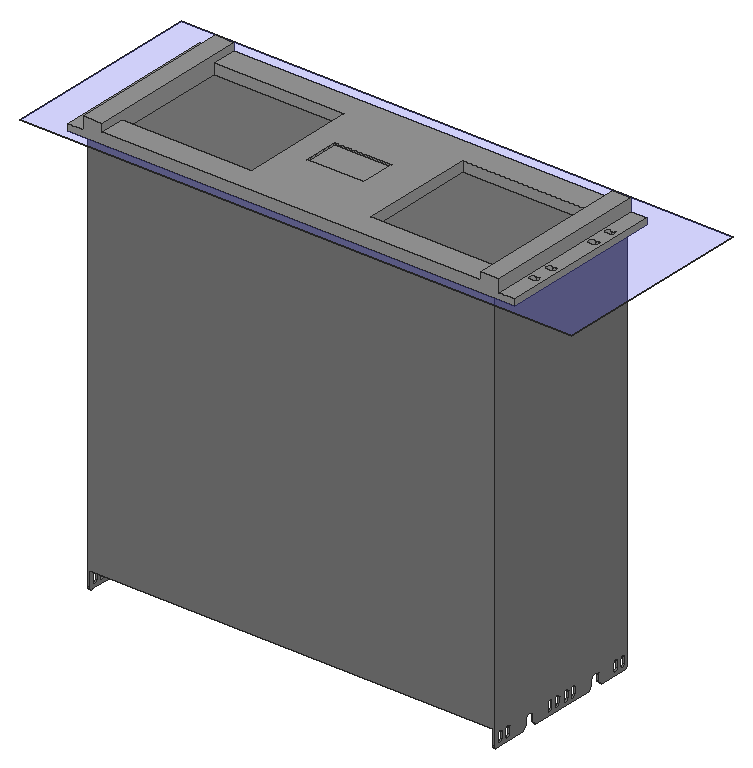
Revit family "QSC Core 1100 3100", category Generic Models, host Face, Revit 2014
Parameters (values of type "Core 3100")
  Width = 482.6 mm  # constant formula
  Weight Product (lb) = 41
  Weight Product (kg) = 18.6
  Voltage AC = "100-240 at 50-60 Hz"  # constant formula
  URL = "http://www.qsc.com/products/q-sys_integrated_system/core_series/Core_3100/"
  Regulatory Compliance = "UL, CE and FCC"
  Product Page URL = "http://www.qsc.com/products/q-sys_integrated_system/core_series/Core_3100/"
  Product Documentation Link = "http://www.qsc.com/files/1414/0269/3350/Core3100_SpecSheet_61114.pdf"
  Model = "Core 3100"
  Manufacturer URL = "http://www.qscaudio.com"
  Manufacturer = "QSC Audio Products, LLC"  # constant formula
  Inner Front Width [instance] = 427.203 mm
  Height = 177.8 mm  # constant formula
  Heat Load Active [instance] = 1400
  Face Material [instance] = Light Gray Finish
  Description = "System Processor and Control Engine"
  Depth = 455 mm
  Default Elevation = 0 mm
  Current Draw [instance] = 8.5
  Amplifier Material [instance] = Dark Gray Finish
Types (3, lengths in mm): name | URL | Product Page URL | Product Documentation Link | Model | Heat Load Active
  (no name) | "http://www.qsc.com/products/q-sys_integrated_system/core_series/Core_3100/" | "http://www.qsc.com/products/q-sys_integrated_system/core_series/Core_3100/" | "http://www.qsc.com/files/1414/0269/3350/Core3100_SpecSheet_61114.pdf" | "Core 3100" | 1400
  Core 1100 | "http://www.qsc.com/products/Q-SYS_Integrated_System/Core_Series/Core_1100/" | "http://www.qsc.com/products/Q-SYS_Integrated_System/Core_Series/Core_1100/" | "http://www.qsc.com/files/3914/0269/3347/Core1100_SpecSheet_61114.pdf" | "Core 1100" | 1100
  Core 3100 | "http://www.qsc.com/products/q-sys_integrated_system/core_series/Core_3100/" | "http://www.qsc.com/products/q-sys_integrated_system/core_series/Core_3100/" | "http://www.qsc.com/files/1414/0269/3350/Core3100_SpecSheet_61114.pdf" | "Core 3100" | 1400
Reference planes
  plane 1 "Center (Front/Back)": y = 0
  plane 2: z = 0
  plane 3 "Center (Left/Right)": x = 0
  plane 4 "Left": x = -240.675
  plane 5 "Right": x = 240.675
  plane 6 "Top": y = 88.9
  plane 7 "Bottom": y = -88.9
  plane 8 "Back": z = -435
  plane 9: x = -219.019
  plane 10: x = 219.019
  plane 11 "Front": z = 20
  plane 12: x = -207.869
  plane 13: x = 207.869
  plane 14 "Inner Left": x = -213.601
  plane 15 "Inner Right": x = 213.601
Forms (mm)
  Extrusion 1, solid, material "Glass"
    sketch origin (0, 0, 0) x (1, 0, 0) y (0, 1, 0)
      loop
        line (-284.09, 118.816) -> (-284.09, -98.587) -> (309.771, -98.587) -> (309.771, 118.816) -> (-284.09, 118.816)
    from 0 to -0.992
  Extrusion 2, solid, material "Dark Gray Finish" <- "Amplifier Material"
    sketch origin (0, -88.9, 0) x (-1, 0, 0) y (0, 0, 1)
      loop
        line (240.675, 0) -> (-240.675, 0) -> (-240.675, -435) -> (240.675, -435) -> (240.675, 0)
    from 0 to 177.8 <- "Height"
  Extrusion 3, void
    sketch origin (0, -88.9, 0) x (-1, 0, 0) y (0, 0, 1)
      loop
        line (219.019, -435) -> (240.675, -435) -> (240.675, 0) -> (219.019, 0) -> (219.019, -435)
      loop
        line (-240.675, -435) -> (-219.019, -435) -> (-219.019, 0) -> (-240.675, 0) -> (-240.675, -435)
      loop
        line (217.019, -435) -> (217.019, -416) -> (-217.019, -416) -> (-217.019, -435) -> (217.019, -435)
    from 0 to 177.8 <- "Height"
  Extrusion 4, solid, material "Light Gray Finish" <- "Face Material"
    sketch origin (0, -88.9, 0) x (-1, 0, 0) y (0, 0, 1)
      loop
        line (240.675, 20) -> (-240.675, 20) -> (-240.675, 0) -> (240.675, 0) -> (240.675, 20)
    from 0 to 177.8 <- "Height"
  Extrusion 5, void
    sketch origin (0, -88.9, 0) x (-1, 0, 0) y (0, 0, 1)
      loop
        line (-240.675, 7) -> (-223.675, 7) -> (-223.675, 20) -> (-240.675, 20) -> (-240.675, 7)
      loop
        line (-203.675, 20) -> (-203.675, 12) -> (203.675, 12) -> (203.675, 20) -> (-203.675, 20)
      loop
        line (240.675, 7) -> (240.675, 20) -> (223.675, 20) -> (223.675, 7) -> (240.675, 7)
    from 0 to 177.8 <- "Height"
  Extrusion 6, void
    sketch origin (0, 0, 20) x (-1, 0, 0) y (0, -1, 0)
      loop
        line (63.675, 62) -> (63.675, -62) -> (203.675, -62) -> (203.675, 62) -> (63.675, 62)
      loop
        line (-203.675, 62) -> (-203.675, -62) -> (-63.675, -62) -> (-63.675, 62) -> (-203.675, 62)
    from 0 to -19
  Extrusion 7, void
    sketch origin (0, 0, 20) x (-1, 0, 0) y (0, -1, 0)
      loop
        line (39.675, -19) -> (39.675, 19) -> (-22.325, 19) -> (-22.325, -19) -> (39.675, -19)
    from 0 to -10
  Extrusion 8, void
    sketch origin (0, 0, -435) x (-1, 0, 0) y (0, -1, 0)
      loop
        line (-193.077, 72.926) -> (-193.077, 64.926) -> (-178.077, 64.926) -> (-178.077, 72.926) -> (-193.077, 72.926)
      loop
        line (-157.077, 72.926) -> (-157.077, 64.926) -> (-142.077, 64.926) -> (-142.077, 72.926) -> (-157.077, 72.926)
      loop
        line (-129.547, 72.926) -> (-129.547, 66.926) -> (-116.547, 66.926) -> (-116.547, 72.926) -> (-129.547, 72.926)
      loop
        line (-129.547, 63.926) -> (-129.547, 57.926) -> (-116.547, 57.926) -> (-116.547, 63.926) -> (-129.547, 63.926)
      loop
        line (-107.547, 72.926) -> (-107.547, 66.926) -> (-94.547, 66.926) -> (-94.547, 72.926) -> (-107.547, 72.926)
      loop
        line (-107.547, 63.926) -> (-107.547, 57.926) -> (-94.547, 57.926) -> (-94.547, 63.926) -> (-107.547, 63.926)
      loop
        line (-129.547, 54.926) -> (-129.547, 43.926) -> (-116.547, 43.926) -> (-116.547, 54.926) -> (-129.547, 54.926)
      loop
        line (-107.547, 54.926) -> (-107.547, 43.926) -> (-94.547, 43.926) -> (-94.547, 54.926) -> (-107.547, 54.926)
      loop
        circle (-137.69, 68.944) r 2.5
      loop
        circle (-161.464, 68.944) r 2.5
      loop
        circle (-173.69, 68.944) r 2.5
      loop
        circle (-197.464, 68.944) r 2.5
      loop
        line (146.606, -21.25) -> (146.606, -51.25) -> (169.606, -51.25) -> (169.606, -21.25) -> (146.606, -21.25)
      loop
        line (11.256, -41.75) -> (11.256, -57.75) -> (111.256, -57.75) -> (111.256, -41.75) -> (11.256, -41.75)
      loop
        line (80.705, 29.926) -> (88.705, 29.926) -> (88.705, 53.926) -> (80.705, 53.926) -> (80.705, 29.926)
      loop
        circle (84.705, 57.676) r 2.5
      loop
        circle (84.705, 26.176) r 2.5
      loop
        line (80.705, -11.074) -> (88.705, -11.074) -> (88.705, 12.926) -> (80.705, 12.926) -> (80.705, -11.074)
      loop
        circle (84.705, 16.676) r 2.5
      loop
        circle (84.705, -14.824) r 2.5
      loop
        line (-85.547, 72.926) -> (-85.547, 61.926) -> (-72.547, 61.926) -> (-72.547, 72.926) -> (-85.547, 72.926)
      loop
        line (-85.547, 57.926) -> (-85.547, 46.926) -> (-72.547, 46.926) -> (-72.547, 57.926) -> (-85.547, 57.926)
    from 0 to 20
  Extrusion 9, void
    sketch origin (0, 0, 20) x (-1, 0, 0) y (0, -1, 0)
      loop
        arc (234.053, 48.4) -> (237.253, 51.6) -> (234.053, 54.8) r 3.2
        line (234.053, 54.8) -> (230.297, 54.8)
        arc (230.297, 54.8) -> (227.097, 51.6) -> (230.297, 48.4) r 3.2
        line (230.297, 48.4) -> (234.053, 48.4)
      loop
        arc (234.053, 26.2) -> (237.253, 29.4) -> (234.053, 32.6) r 3.2
        line (234.053, 32.6) -> (230.297, 32.6)
        arc (230.297, 32.6) -> (227.097, 29.4) -> (230.297, 26.2) r 3.2
        line (230.297, 26.2) -> (234.053, 26.2)
      loop
        arc (234.053, -31) -> (237.253, -27.8) -> (234.053, -24.6) r 3.2
        line (234.053, -24.6) -> (230.297, -24.6)
        arc (230.297, -24.6) -> (227.097, -27.8) -> (230.297, -31) r 3.2
        line (230.297, -31) -> (234.053, -31)
      loop
        arc (234.053, -53.2) -> (237.253, -50) -> (234.053, -46.8) r 3.2
        line (234.053, -46.8) -> (230.297, -46.8)
        arc (230.297, -46.8) -> (227.097, -50) -> (230.297, -53.2) r 3.2
        line (230.297, -53.2) -> (234.053, -53.2)
      loop
        line (-234.053, 48.4) -> (-230.297, 48.4)
        arc (-230.297, 48.4) -> (-227.097, 51.6) -> (-230.297, 54.8) r 3.2
        line (-230.297, 54.8) -> (-234.053, 54.8)
        arc (-234.053, 54.8) -> (-237.253, 51.6) -> (-234.053, 48.4) r 3.2
      loop
        line (-234.053, 26.2) -> (-230.297, 26.2)
        arc (-230.297, 26.2) -> (-227.097, 29.4) -> (-230.297, 32.6) r 3.2
        line (-230.297, 32.6) -> (-234.053, 32.6)
        arc (-234.053, 32.6) -> (-237.253, 29.4) -> (-234.053, 26.2) r 3.2
      loop
        line (-234.053, -31) -> (-230.297, -31)
        arc (-230.297, -31) -> (-227.097, -27.8) -> (-230.297, -24.6) r 3.2
        line (-230.297, -24.6) -> (-234.053, -24.6)
        arc (-234.053, -24.6) -> (-237.253, -27.8) -> (-234.053, -31) r 3.2
      loop
        line (-234.053, -53.2) -> (-230.297, -53.2)
        arc (-230.297, -53.2) -> (-227.097, -50) -> (-230.297, -46.8) r 3.2
        line (-230.297, -46.8) -> (-234.053, -46.8)
        arc (-234.053, -46.8) -> (-237.253, -50) -> (-234.053, -53.2) r 3.2
    from 0 to -20
  Extrusion 10, void
    sketch origin (-240.675, 0, 0) x (0, 1, 0) y (0, 0, 1)
      loop
        arc (86.3, -422.35) -> (83.1, -419.15) -> (79.9, -422.35) r 3.2
        line (79.9, -422.35) -> (79.9, -428.65)
        arc (79.9, -428.65) -> (83.1, -431.85) -> (86.3, -428.65) r 3.2
        line (86.3, -428.65) -> (86.3, -422.35)
      loop
        arc (76.8, -422.35) -> (73.6, -419.15) -> (70.4, -422.35) r 3.2
        line (70.4, -422.35) -> (70.4, -428.65)
        arc (70.4, -428.65) -> (73.6, -431.85) -> (76.8, -428.65) r 3.2
        line (76.8, -428.65) -> (76.8, -422.35)
      loop
        arc (19.6, -422.35) -> (16.4, -419.15) -> (13.2, -422.35) r 3.2
        line (13.2, -422.35) -> (13.2, -428.65)
        arc (13.2, -428.65) -> (16.4, -431.85) -> (19.6, -428.65) r 3.2
        line (19.6, -428.65) -> (19.6, -422.35)
      loop
        arc (10.1, -422.35) -> (6.9, -419.15) -> (3.7, -422.35) r 3.2
        line (3.7, -422.35) -> (3.7, -428.65)
        arc (3.7, -428.65) -> (6.9, -431.85) -> (10.1, -428.65) r 3.2
        line (10.1, -428.65) -> (10.1, -422.35)
      loop
        arc (-2.1, -422.35) -> (-5.3, -419.15) -> (-8.5, -422.35) r 3.2
        line (-8.5, -422.35) -> (-8.5, -428.65)
        arc (-8.5, -428.65) -> (-5.3, -431.85) -> (-2.1, -428.65) r 3.2
        line (-2.1, -428.65) -> (-2.1, -422.35)
      loop
        arc (-11.6, -422.35) -> (-14.8, -419.15) -> (-18, -422.35) r 3.2
        line (-18, -422.35) -> (-18, -428.65)
        arc (-18, -428.65) -> (-14.8, -431.85) -> (-11.6, -428.65) r 3.2
        line (-11.6, -428.65) -> (-11.6, -422.35)
      loop
        arc (-68.8, -422.35) -> (-72, -419.15) -> (-75.2, -422.35) r 3.2
        line (-75.2, -422.35) -> (-75.2, -428.65)
        arc (-75.2, -428.65) -> (-72, -431.85) -> (-68.8, -428.65) r 3.2
        line (-68.8, -428.65) -> (-68.8, -422.35)
      loop
        arc (-78.3, -422.35) -> (-81.5, -419.15) -> (-84.7, -422.35) r 3.2
        line (-84.7, -422.35) -> (-84.7, -428.65)
        arc (-84.7, -428.65) -> (-81.5, -431.85) -> (-78.3, -428.65) r 3.2
        line (-78.3, -428.65) -> (-78.3, -422.35)
      loop
        line (88.9, -435) -> (88.9, -431.8)
        arc (88.9, -431.8) -> (87.963, -434.063) -> (85.7, -435) r 3.2
        line (85.7, -435) -> (88.9, -435)
      loop
        line (-88.9, -435) -> (-85.7, -435)
        arc (-85.7, -435) -> (-87.963, -434.063) -> (-88.9, -431.8) r 3.2
        line (-88.9, -431.8) -> (-88.9, -435)
      loop
        arc (50.9, -424.2) -> (49.963, -421.937) -> (47.7, -421) r 3.2
        line (47.7, -421) -> (44.1, -421)
        arc (44.1, -421) -> (41.837, -421.937) -> (40.9, -424.2) r 3.2
        line (40.9, -424.2) -> (40.9, -431) -> (36.9, -435) -> (54.9, -435) -> (50.9, -431) -> (50.9, -424.2)
      loop
        arc (-37.1, -424.2) -> (-38.037, -421.937) -> (-40.3, -421) r 3.2
        line (-40.3, -421) -> (-43.9, -421)
        arc (-43.9, -421) -> (-46.163, -421.937) -> (-47.1, -424.2) r 3.2
        line (-47.1, -424.2) -> (-47.1, -431) -> (-51.1, -435) -> (-33.1, -435) -> (-37.1, -431) -> (-37.1, -424.2)
    from 0 to 482.6 <- "Width"
Cuts and joins
  Extrusion 3, Extrusion 8, Extrusion 10 cuts Extrusion 2
  Extrusion 5, Extrusion 6, Extrusion 7, Extrusion 9 cuts Extrusion 4
Lines and regions (mm)
  model lines, style "GenericModel", not visible, detail levels fine
    curve 1: line (344.322, -25.724, 0.794) -> (342.106, -22.804, 0.794)
    curve 2: line (342.106, -22.804, 0.794) -> (344.322, -25.724, 0.794)
    curve 3: line (334.07, -25.359, 0.794) -> (334.908, -22.347, 0.794)
    curve 4: line (334.908, -22.347, 0.794) -> (334.07, -25.359, 0.794)
    curve 5: line (335.469, -27.353, 0.794) -> (334.844, -21.779, 0.794)
    curve 6: line (334.844, -21.779, 0.794) -> (335.469, -27.353, 0.794)
    curve 7: line (347.29, -23.453, 0.794) -> (349.266, -24.905, 0.794)
    curve 8: line (349.266, -24.905, 0.794) -> (347.29, -23.453, 0.794)
  model lines, not visible
    curve 9: arc (-104.012, -1.588, 45.52) -> (-96.511, 5.913, 45.52) -> (-89.011, -1.588, 45.52) r 7.501
    curve 10: arc (-89.011, -1.588, 45.52) -> (-96.511, -9.088, 45.52) -> (-104.012, -1.588, 45.52) r 7.501
    curve 11: arc (73.897, 4.762, 45.52) -> (89.396, 20.262, 45.52) -> (104.895, 4.762, 45.52) r 15.499
    curve 12: arc (104.895, 4.762, 45.52) -> (89.396, -10.737, 45.52) -> (73.897, 4.762, 45.52) r 15.499
    curve 13: line (54.287, 24.465, 45.52) -> (54.287, -20.671, 45.52)
    curve 14: line (54.287, -20.671, 45.52) -> (-16.573, -20.671, 45.52)
    curve 15: line (-16.573, -20.671, 45.52) -> (-16.573, 24.465, 45.52)
    curve 16: line (-16.573, 24.465, 45.52) -> (54.287, 24.465, 45.52)
  model lines
    curve 17: line (29.325, 15, 12) -> (42.325, 15, 12)
    curve 18: line (29.325, 24, 12) -> (29.325, 15, 12)
    curve 19: line (42.325, 24, 12) -> (29.325, 24, 12)
    curve 20: line (42.325, 15, 12) -> (42.325, 24, 12)
    curve 21: line (29.325, 3, 12) -> (42.325, 3, 12)
    curve 22: line (29.325, 12, 12) -> (29.325, 3, 12)
    curve 23: line (42.325, 12, 12) -> (29.325, 12, 12)
    curve 24: line (42.325, 3, 12) -> (42.325, 12, 12)
    curve 25: line (29.325, -21, 12) -> (42.325, -21, 12)
    curve 26: line (29.325, -12, 12) -> (29.325, -21, 12)
    curve 27: line (42.325, -12, 12) -> (29.325, -12, 12)
    curve 28: line (42.325, -21, 12) -> (42.325, -12, 12)
    curve 29: line (206.994, 2, -416) -> (23.994, 2, -416)
    curve 30: line (206.994, 73, -416) -> (206.994, 2, -416)
    curve 31: line (23.994, 73, -416) -> (206.994, 73, -416)
    curve 32: line (23.994, 2, -416) -> (23.994, 73, -416)
    curve 41: line (-52.188, -32.287, 12) -> (55.812, -32.287, 12)
    curve 42: line (-52.188, 32.963, 12) -> (-52.188, -32.287, 12)
    curve 43: line (55.812, 32.963, 12) -> (-52.188, 32.963, 12)
    curve 44: line (55.812, -32.287, 12) -> (55.812, 32.963, 12)
  model lines, style "GenericModel", detail levels fine
    curve 33: line (8.681, -48.445, 16.9) -> (4.249, -42.605, 16.9)
    curve 34: line (4.249, -42.605, 16.9) -> (8.681, -48.445, 16.9)
    curve 35: line (-11.822, -47.716, 16.9) -> (-10.148, -41.692, 16.9)
    curve 36: line (-10.148, -41.692, 16.9) -> (-11.822, -47.716, 16.9)
    curve 37: line (-9.025, -51.705, 16.9) -> (-10.275, -40.556, 16.9)
    curve 38: line (-10.275, -40.556, 16.9) -> (-9.025, -51.705, 16.9)
    curve 39: line (14.617, -43.905, 16.9) -> (18.57, -46.809, 16.9)
    curve 40: line (18.57, -46.809, 16.9) -> (14.617, -43.905, 16.9)
Dimensions and locks
  "Depth": plane 11 "Front" to plane 8 "Back"
  equal spacing: plane 6 "Top", plane 1 "Center (Front/Back)", plane 7 "Bottom"
  "Height": plane 6 "Top" to plane 7 "Bottom"
  equal spacing: plane 4 "Left", plane 3 "Center (Left/Right)", plane 5 "Right"
  plane 4 "Left" to plane 5 "Right" = 481.35 mm
  plane 4 "Left" to plane 9 = 21.656 mm
  plane 10 to plane 5 "Right" = 21.656 mm
  plane 11 "Front" to plane 2 = 20 mm
  plane 9 to plane 12 = 11.151 mm
  plane 13 to plane 10 = 11.151 mm
  "Inner Front Width": plane 14 "Inner Left" to plane 15 "Inner Right"
  aligned and locked: plane 2 to Extrusion 1
  aligned and locked: level to Extrusion 1
  aligned and locked: Extrusion 2 sketch curve to plane 4 "Left"
  aligned and locked: plane 8 "Back" to Extrusion 2 sketch curve
  aligned and locked: Extrusion 2 sketch curve to plane 5 "Right"
  aligned and locked: Extrusion 3 sketch curve to plane 8 "Back"
  aligned and locked: Extrusion 3 sketch curve to plane 9
  aligned and locked: level to Extrusion 3 sketch curve  (x2)
  aligned and locked: Extrusion 3 sketch curve to plane 4 "Left"
  aligned and locked: Extrusion 3 sketch curve to Extrusion 2
  aligned and locked: Extrusion 2 to Extrusion 3 sketch curve
  aligned and locked: Extrusion 3 sketch curve to plane 10
  aligned and locked: Extrusion 2 sketch curve to plane 2
Automatic sketch dimensions
  Extrusion 1 sketch curve to Extrusion 1 sketch curve = 593.861 mm
  Extrusion 1 sketch curve to Extrusion 1 sketch curve = 217.403 mm
  Extrusion 4 sketch curve to level = 0 mm
  Extrusion 4 sketch curve to plane 4 "Left" = 0 mm
  Extrusion 4 sketch curve to plane 11 "Front" = 0 mm
  Extrusion 4 sketch curve to plane 5 "Right" = 0 mm
  Extrusion 5 sketch curve to plane 4 "Left" = 0 mm
  Extrusion 5 sketch curve to plane 11 "Front" = 0 mm  (x3)
  plane 12 to Extrusion 5 sketch curve = 4.194 mm
  Extrusion 5 sketch curve to plane 9 = 4.656 mm
  level to Extrusion 5 sketch curve = 7 mm  (x2)
  plane 10 to Extrusion 5 sketch curve = 4.656 mm
  Extrusion 5 sketch curve to plane 13 = 4.194 mm
  Extrusion 5 sketch curve to Extrusion 5 sketch curve = 8 mm
  Extrusion 5 sketch curve to plane 5 "Right" = 0 mm
  Extrusion 6 sketch curve to plane 13 = 4.194 mm
  Extrusion 6 sketch curve to plane 6 "Top" = 26.9 mm  (x2)
  plane 3 "Center (Left/Right)" to Extrusion 6 sketch curve = 63.675 mm
  Extrusion 6 sketch curve to plane 3 "Center (Left/Right)" = 63.675 mm
  plane 12 to Extrusion 6 sketch curve = 4.194 mm
  plane 7 "Bottom" to Extrusion 6 sketch curve = 26.9 mm  (x2)
  plane 3 "Center (Left/Right)" to Extrusion 7 sketch curve = 22.325 mm
  Extrusion 7 sketch curve to plane 3 "Center (Left/Right)" = 39.675 mm
  Extrusion 7 sketch curve to plane 1 "Center (Front/Back)" = 19 mm
  plane 1 "Center (Front/Back)" to Extrusion 7 sketch curve = 19 mm
  Extrusion 5 to curve 17 = 73.9 mm
  curve 17 to Extrusion 5 = 174.35 mm
  curve 26 to curve 17 = 0 mm
  curve 23 to curve 17 = 0 mm
  curve 22 to curve 23 = 13 mm
  curve 20 to curve 23 = 0 mm
  curve 25 to curve 25 = 13 mm
  curve 24 to curve 17 = 3 mm
  curve 21 to curve 22 = 9 mm
  curve 28 to curve 21 = 15 mm
  curve 25 to curve 26 = 9 mm
  curve 17 to curve 18 = 9 mm
  Extrusion 3 sketch curve to plane 8 "Back" = 0 mm
  plane 15 "Inner Right" to Extrusion 3 sketch curve = 3.418 mm
  Extrusion 3 sketch curve to plane 14 "Inner Left" = 3.418 mm
  Extrusion 3 sketch curve to Extrusion 3 sketch curve = 19 mm
  curve 29 to Extrusion 3 = 86.9 mm
  curve 31 to Extrusion 3 = 15.9 mm
  Extrusion 3 to curve 31 = 10.025 mm
  curve 30 to curve 31 = 183 mm
  Extrusion 9 sketch curve to plane 5 "Right" = 6.622 mm  (x4)
  Extrusion 9 sketch curve to Extrusion 9 sketch curve = 3.757 mm  (x8)
  plane 4 "Left" to Extrusion 9 sketch curve = 10.378 mm  (x4)
  Extrusion 9 sketch curve to plane 6 "Top" = 35.7 mm  (x2)
  Extrusion 9 sketch curve to Extrusion 9 sketch curve = 3.2 mm  (x8)
  Extrusion 9 sketch curve to Extrusion 9 sketch curve = 15.8 mm  (x4)
  plane 1 "Center (Front/Back)" to Extrusion 9 sketch curve = 26.2 mm  (x2)
  Extrusion 10 sketch curve to plane 7 "Bottom" = 0 mm
  Extrusion 10 sketch curve to plane 8 "Back" = 0 mm  (x4)
  Extrusion 10 sketch curve to plane 6 "Top" = 0 mm
  plane 7 "Bottom" to Extrusion 10 sketch curve = 3.2 mm
  Extrusion 10 sketch curve to Extrusion 10 sketch curve = 1 mm
  Extrusion 10 sketch curve to Extrusion 10 sketch curve = 3.2 mm  (x12)
  Extrusion 10 sketch curve to Extrusion 10 sketch curve = 3.1 mm  (x4)
  Extrusion 10 sketch curve to Extrusion 10 sketch curve = 17.7 mm
  plane 8 "Back" to Extrusion 10 sketch curve = 4 mm  (x4)
  Extrusion 10 sketch curve to Extrusion 10 sketch curve = 4 mm  (x4)
  Extrusion 10 sketch curve to Extrusion 10 sketch curve = 3.6 mm  (x2)
  plane 1 "Center (Front/Back)" to Extrusion 10 sketch curve = 18 mm
  Extrusion 10 sketch curve to plane 1 "Center (Front/Back)" = 3.7 mm
  Extrusion 10 sketch curve to Extrusion 10 sketch curve = 17.3 mm
  plane 8 "Back" to Extrusion 10 sketch curve = 6.35 mm  (x3)
  Extrusion 10 sketch curve to Extrusion 10 sketch curve = 15.5 mm
  Extrusion 10 sketch curve to plane 6 "Top" = 3.2 mm
  Extrusion 10 sketch curve to Extrusion 10 sketch curve = 0 mm  (x7)
  Extrusion 10 sketch curve to Extrusion 10 sketch curve = 3.15 mm  (x2)
  Extrusion 10 sketch curve to Extrusion 10 sketch curve = 6.8 mm  (x2)
  Extrusion 10 sketch curve to Extrusion 10 sketch curve = 6.3 mm  (x4)
  curve 25 to curve 44 = 26.487 mm
  curve 43 to curve 43 = 108 mm
  curve 25 to curve 44 = 53.963 mm
  curve 41 to curve 42 = 65.25 mm
  Extrusion 8 sketch curve to plane 13 = 10.404 mm
  Extrusion 8 sketch curve to Extrusion 8 sketch curve = 4.387 mm  (x4)
  Extrusion 8 sketch curve to Extrusion 8 sketch curve = 15 mm  (x2)
  Extrusion 8 sketch curve to Extrusion 8 sketch curve = 12.225 mm
  Extrusion 8 sketch curve to Extrusion 8 sketch curve = 8.142 mm
  Extrusion 8 sketch curve to Extrusion 8 sketch curve = 0 mm  (x9)
  Extrusion 8 sketch curve to Extrusion 8 sketch curve = 13 mm  (x4)
  Extrusion 8 sketch curve to Extrusion 8 sketch curve = 9 mm  (x5)
  Extrusion 8 sketch curve to plane 3 "Center (Left/Right)" = 11.256 mm
  plane 1 "Center (Front/Back)" to Extrusion 8 sketch curve = 12.926 mm
  Extrusion 8 sketch curve to plane 3 "Center (Left/Right)" = 80.705 mm
  Extrusion 8 sketch curve to Extrusion 8 sketch curve = 4 mm  (x7)
  Extrusion 8 sketch curve to Extrusion 8 sketch curve = 26.55 mm
  Extrusion 8 sketch curve to Extrusion 8 sketch curve = 35.351 mm
  Extrusion 8 sketch curve to plane 1 "Center (Front/Back)" = 11.074 mm
  Extrusion 8 sketch curve to Extrusion 8 sketch curve = 3.75 mm  (x4)
  Extrusion 8 sketch curve to Extrusion 8 sketch curve = 26.926 mm
  Extrusion 8 sketch curve to Extrusion 8 sketch curve = 30 mm
  Extrusion 8 sketch curve to Extrusion 8 sketch curve = 16 mm
  Extrusion 8 sketch curve to Extrusion 8 sketch curve = 9.5 mm
  plane 1 "Center (Front/Back)" to Extrusion 8 sketch curve = 43.926 mm
  Extrusion 8 sketch curve to Extrusion 8 sketch curve = 3 mm  (x6)
  Extrusion 8 sketch curve to Extrusion 8 sketch curve = 24 mm
  Extrusion 8 sketch curve to Extrusion 8 sketch curve = 11 mm  (x2)
  Extrusion 8 sketch curve to Extrusion 8 sketch curve = 6 mm  (x4)
  plane 7 "Bottom" to Extrusion 8 sketch curve = 23.974 mm
  Extrusion 8 sketch curve to Extrusion 8 sketch curve = 1 mm
  Extrusion 8 sketch curve to Extrusion 8 sketch curve = 4.018 mm  (x4)
  Extrusion 8 sketch curve to Extrusion 8 sketch curve = 3.982 mm  (x2)
  Extrusion 8 sketch curve to Extrusion 8 sketch curve = 23 mm
  Extrusion 8 sketch curve to plane 6 "Top" = 37.65 mm
  radius of Extrusion 8 sketch curve = 2.5 mm  (x8)
Connectors
  electrical at (185.577, -68.926, -415)
    settings: on cut or joined group of Extrusion 2, Extrusion 3, Extrusion 8, Extrusion 10, index 1, voltage 0 V, apparent load 0 VA, apparent load phase1 0 VA, apparent load phase2 0 VA, apparent load phase3 0 VA, power factor 1, load classification "Other", number of poles 1, system type 14, power factor state 1, is connector primary yes, connector utility no, sub classification motor no, connector description "RS232 (DB9)"
  electrical at (149.577, -68.926, -415)
    settings: on cut or joined group of Extrusion 2, Extrusion 3, Extrusion 8, Extrusion 10, index 2, voltage 0 V, apparent load 0 VA, apparent load phase1 0 VA, apparent load phase2 0 VA, apparent load phase3 0 VA, power factor 1, load classification "Other", number of poles 1, system type 14, power factor state 1, is connector primary no, connector utility no, sub classification motor no, connector description "Video Out (DB15)"
  electrical at (123.047, -49.426, -415)
    settings: on cut or joined group of Extrusion 2, Extrusion 3, Extrusion 8, Extrusion 10, index 3, voltage 0 V, apparent load 0 VA, apparent load phase1 0 VA, apparent load phase2 0 VA, apparent load phase3 0 VA, power factor 1, load classification "Other", number of poles 1, system type 14, power factor state 1, is connector primary no, connector utility no, sub classification motor no, connector description "LAN A"
  electrical at (101.047, -49.426, -415)
    settings: on cut or joined group of Extrusion 2, Extrusion 3, Extrusion 8, Extrusion 10, index 4, voltage 0 V, apparent load 0 VA, apparent load phase1 0 VA, apparent load phase2 0 VA, apparent load phase3 0 VA, power factor 1, load classification "Other", number of poles 1, system type 14, power factor state 1, is connector primary no, connector utility no, sub classification motor no, connector description "LAN B"
  electrical at (101.047, -60.926, -415)
    settings: on cut or joined group of Extrusion 2, Extrusion 3, Extrusion 8, Extrusion 10, index 5, voltage 0 V, apparent load 0 VA, apparent load phase1 0 VA, apparent load phase2 0 VA, apparent load phase3 0 VA, power factor 1, load classification "Other", number of poles 1, system type 14, power factor state 1, is connector primary no, connector utility no, sub classification motor no, connector description "Aux USB"
  electrical at (123.047, -60.926, -415)
    settings: on cut or joined group of Extrusion 2, Extrusion 3, Extrusion 8, Extrusion 10, index 6, voltage 0 V, apparent load 0 VA, apparent load phase1 0 VA, apparent load phase2 0 VA, apparent load phase3 0 VA, power factor 1, load classification "Other", number of poles 1, system type 14, power factor state 1, is connector primary no, connector utility no, sub classification motor no, connector description "Aux USB"
  electrical at (123.047, -69.926, -415)
    settings: on cut or joined group of Extrusion 2, Extrusion 3, Extrusion 8, Extrusion 10, index 7, voltage 0 V, apparent load 0 VA, apparent load phase1 0 VA, apparent load phase2 0 VA, apparent load phase3 0 VA, power factor 1, load classification "Other", number of poles 1, system type 14, power factor state 1, is connector primary no, connector utility no, sub classification motor no, connector description "Aux USB"
  electrical at (101.047, -69.926, -415)
    settings: on cut or joined group of Extrusion 2, Extrusion 3, Extrusion 8, Extrusion 10, index 8, voltage 0 V, apparent load 0 VA, apparent load phase1 0 VA, apparent load phase2 0 VA, apparent load phase3 0 VA, power factor 1, load classification "Other", number of poles 1, system type 14, power factor state 1, is connector primary no, connector utility no, sub classification motor no, connector description "Aux USB"
  electrical at (185.577, -68.926, -415)
    settings: on cut or joined group of Extrusion 2, Extrusion 3, Extrusion 8, Extrusion 10, index 9, voltage 0 V, apparent load 0 VA, apparent load phase1 0 VA, apparent load phase2 0 VA, apparent load phase3 0 VA, power factor 1, load classification "Other", number of poles 1, system type 14, power factor state 1, is connector primary no, connector utility no, sub classification motor no, connector description ""
  electrical at (185.577, -68.926, -415)
    settings: on cut or joined group of Extrusion 2, Extrusion 3, Extrusion 8, Extrusion 10, index 10, voltage 0 V, apparent load 0 VA, apparent load phase1 0 VA, apparent load phase2 0 VA, apparent load phase3 0 VA, power factor 1, load classification "Other", number of poles 1, system type 14, power factor state 1, is connector primary no, connector utility no, sub classification motor no, connector description ""
  electrical at (-61.256, 49.75, -415)
    settings: on cut or joined group of Extrusion 2, Extrusion 3, Extrusion 8, Extrusion 10, index 11, voltage 0 V, apparent load 0 VA, apparent load phase1 0 VA, apparent load phase2 0 VA, apparent load phase3 0 VA, power factor 1, load classification "Other", number of poles 1, system type 14, power factor state 1, is connector primary no, connector utility no, sub classification motor no, connector description "Qsys Card Slot"
  electrical at (-84.705, -0.926, -416)
    settings: on cut or joined group of Extrusion 2, Extrusion 3, Extrusion 8, Extrusion 10, index 12, voltage 0 V, apparent load 0 VA, apparent load phase1 0 VA, apparent load phase2 0 VA, apparent load phase3 0 VA, power factor 1, load classification "Other", number of poles 1, system type 14, power factor state 1, is connector primary no, connector utility no, sub classification motor no, connector description "GPIO A"
  electrical at (-84.705, -41.926, -415)
    settings: on cut or joined group of Extrusion 2, Extrusion 3, Extrusion 8, Extrusion 10, index 13, voltage 0 V, apparent load 0 VA, apparent load phase1 0 VA, apparent load phase2 0 VA, apparent load phase3 0 VA, power factor 1, load classification "Other", number of poles 1, system type 14, power factor state 1, is connector primary no, connector utility no, sub classification motor no, connector description "GPIO B"
  electrical at (185.577, -68.926, -415)
    settings: on cut or joined group of Extrusion 2, Extrusion 3, Extrusion 8, Extrusion 10, index 14, voltage 0 V, apparent load 0 VA, apparent load phase1 0 VA, apparent load phase2 0 VA, apparent load phase3 0 VA, power factor 1, load classification "Other", number of poles 1, system type 14, power factor state 1, is connector primary no, connector utility no, sub classification motor no, connector description ""
  electrical at (-158.106, 36.25, -415)
    settings: on cut or joined group of Extrusion 2, Extrusion 3, Extrusion 8, Extrusion 10, index 15, voltage 0 V, apparent load 0 VA, apparent load phase1 0 VA, apparent load phase2 0 VA, apparent load phase3 0 VA, power factor 1, load classification "Other", number of poles 1, system type 31, power factor state 1, is connector primary no, connector utility no, sub classification motor no, connector description "100-240 VAC @ 50-60 Hz"
  electrical at (79.047, -52.426, -415)
    settings: on cut or joined group of Extrusion 2, Extrusion 3, Extrusion 8, Extrusion 10, index 16, voltage 0 V, apparent load 0 VA, apparent load phase1 0 VA, apparent load phase2 0 VA, apparent load phase3 0 VA, power factor 1, load classification "Other", number of poles 1, system type 14, power factor state 1, is connector primary no, connector utility no, sub classification motor no, connector description "Aux LAN A"
  electrical at (79.047, -67.426, -415)
    settings: on cut or joined group of Extrusion 2, Extrusion 3, Extrusion 8, Extrusion 10, index 17, voltage 0 V, apparent load 0 VA, apparent load phase1 0 VA, apparent load phase2 0 VA, apparent load phase3 0 VA, power factor 1, load classification "Other", number of poles 1, system type 14, power factor state 1, is connector primary no, connector utility no, sub classification motor no, connector description "Aux LAN B"
